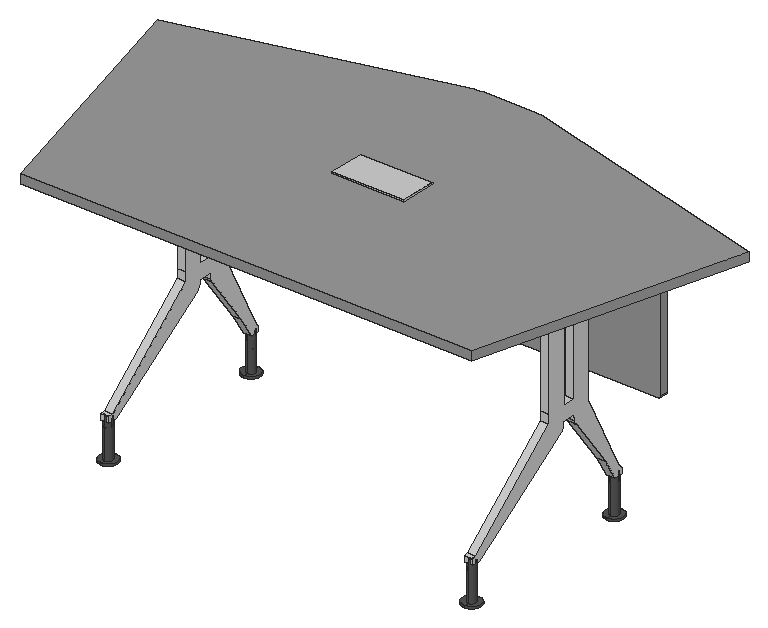
Revit family "Haworth_Planes_TrainingTable_Polygon_AP_PRELIMINARY", category Furniture, Revit 2019 (continued)
Definition of nested family "Haworth_Planes_DeskUnderstructure-PART"
  Lines and regions (mm)
    Masking region 1
      outline origin (0, 0, 0) x (1, 0, 0) y (0, 1, 0)
        loop
          arc (-28.728, -307.581) -> (-0.153, -336.156) -> (28.422, -307.581) r 28.575
          line (28.422, -307.581) -> (28.422, -219.08) -> (27.225, -199.581) -> (24.719, -199.581) -> (25.045, -307.601)
          arc (25.045, -307.601) -> (0.039, -332.798) -> (-25.347, -307.983) r 25.197
          line (-25.347, -307.983) -> (-26.168, -199.602) -> (-27.533, -199.602) -> (-28.728, -219.126) -> (-28.728, -307.581)
  Dimensions and locks
    equal spacing: plane 5, plane 1 "Center (Front/Back)", plane 6
    "Actual Depth": plane 5 to plane 6
    locked: plane 4 "Bottom of Top" to plane 7 at 25.059
    plane 9 to plane 3 "Center (Left/Right)" to plane 8 = 28.728 mm, 28.272 mm
    "Actual Width": plane 9 to plane 8
    aligned and locked: plane 4 "Bottom of Top" to cut or joined group of Extrusion 1, Extrusion 2, Extrusion 3  (x2)
  Automatic sketch dimensions
    plane 6 to Extrusion 1 sketch curve = 24.994 mm
    Extrusion 1 sketch curve to Extrusion 1 sketch curve = 1.991 mm
    Extrusion 1 sketch curve to Extrusion 1 sketch curve = 2.043 mm
    Extrusion 1 sketch curve to Extrusion 1 sketch curve = 9.909 mm
    Extrusion 1 sketch curve to Extrusion 1 sketch curve = 9.878 mm
    Extrusion 1 sketch curve to Extrusion 1 sketch curve = 2.076 mm
    Extrusion 1 sketch curve to Extrusion 1 sketch curve = 24.994 mm  (x2)
    Extrusion 1 sketch curve to Extrusion 1 sketch curve = 13.994 mm
    Extrusion 1 sketch curve to Extrusion 1 sketch curve = 2.128 mm
    Extrusion 1 sketch curve to Extrusion 1 sketch curve = 2.197 mm
    Extrusion 1 sketch curve to Extrusion 1 sketch curve = 2.061 mm
    Extrusion 1 sketch curve to Extrusion 1 sketch curve = 2.007 mm
    Extrusion 1 sketch curve to plane 1 "Center (Front/Back)" = 130.942 mm
    Extrusion 1 sketch curve to Extrusion 1 sketch curve = 0.952 mm
    Extrusion 1 sketch curve to Extrusion 1 sketch curve = 11.918 mm
    Extrusion 1 sketch curve to Extrusion 1 sketch curve = 10.982 mm
    Extrusion 1 sketch curve to Extrusion 1 sketch curve = 23.665 mm
    Extrusion 1 sketch curve to Extrusion 1 sketch curve = 0.121 mm
    Extrusion 1 sketch curve to plane 5 = 81.057 mm
    Extrusion 1 sketch curve to Extrusion 1 sketch curve = 0 mm
    Extrusion 2 sketch curve to Extrusion 2 sketch curve = 1.196 mm
    Extrusion 2 sketch curve to Extrusion 2 sketch curve = 1.365 mm
    Extrusion 2 sketch curve to plane 5 = 28.617 mm
    Extrusion 2 sketch curve to Extrusion 2 sketch curve = 3.382 mm
    Extrusion 2 sketch curve to Extrusion 2 sketch curve = 25.193 mm
    Extrusion 2 sketch curve to Extrusion 2 sketch curve = 0.001 mm
    Extrusion 2 sketch curve to Extrusion 2 sketch curve = 3.702 mm
    Extrusion 2 sketch curve to plane 5 = 28.999 mm
    Extrusion 2 sketch curve to Extrusion 2 sketch curve = 2.505 mm
    Extrusion 2 sketch curve to Extrusion 2 sketch curve = 0.02 mm
    Extrusion 2 sketch curve to Extrusion 2 sketch curve = 88.455 mm
    Extrusion 2 sketch curve to Extrusion 2 sketch curve = 0.046 mm
    Extrusion 2 sketch curve to Extrusion 2 sketch curve = 19.524 mm
    Extrusion 2 sketch curve to Extrusion 2 sketch curve = 19.499 mm
    Extrusion 3 sketch curve to plane 5 = 28.617 mm
    Extrusion 3 sketch curve to Extrusion 3 sketch curve = 0.821 mm
    Extrusion 3 sketch curve to Extrusion 3 sketch curve = 25.194 mm
    Extrusion 3 sketch curve to Extrusion 3 sketch curve = 50.888 mm
    Extrusion 3 sketch curve to plane 5 = 28.999 mm
    Extrusion 3 sketch curve to Extrusion 3 sketch curve = 107.999 mm
    Masking region 1 sketch curve to plane 3 "Center (Left/Right)" = 25.575 mm  (x2)
    Masking region 1 sketch curve to Masking region 1 sketch curve = 1.991 mm
    Masking region 1 sketch curve to Masking region 1 sketch curve = 2.043 mm
    Masking region 1 sketch curve to Masking region 1 sketch curve = 9.909 mm
    Masking region 1 sketch curve to Masking region 1 sketch curve = 9.878 mm
    Masking region 1 sketch curve to Masking region 1 sketch curve = 2.096 mm
    Masking region 1 sketch curve to plane 3 "Center (Left/Right)" = 0.581 mm  (x2)
    plane 3 "Center (Left/Right)" to Masking region 1 sketch curve = 10.418 mm
    Masking region 1 sketch curve to Masking region 1 sketch curve = 2.128 mm
    Masking region 1 sketch curve to Masking region 1 sketch curve = 2.197 mm
    Masking region 1 sketch curve to Masking region 1 sketch curve = 2.061 mm
    Masking region 1 sketch curve to Masking region 1 sketch curve = 2.007 mm
    Masking region 1 sketch curve to plane 5 = 81.057 mm
    Masking region 1 sketch curve to plane 1 "Center (Front/Back)" = 86.966 mm
    Masking region 1 sketch curve to Masking region 1 sketch curve = 4.24 mm
    Masking region 1 sketch curve to Masking region 1 sketch curve = 23.665 mm
    Masking region 1 sketch curve to Masking region 1 sketch curve = 23.818 mm
    Masking region 1 sketch curve to Masking region 1 sketch curve = 10.982 mm
    Masking region 1 sketch curve to Masking region 1 sketch curve = 11.918 mm
    plane 6 to Masking region 1 sketch curve = 24.994 mm
    Masking region 1 sketch curve to plane 3 "Center (Left/Right)" = 26.168 mm
    Masking region 1 sketch curve to Masking region 1 sketch curve = 1.365 mm
    Masking region 1 sketch curve to plane 3 "Center (Left/Right)" = 28.728 mm
    Masking region 1 sketch curve to Masking region 1 sketch curve = 3.382 mm
    Masking region 1 sketch curve to plane 3 "Center (Left/Right)" = 0.153 mm
    Masking region 1 sketch curve to Masking region 1 sketch curve = 0.001 mm
    Masking region 1 sketch curve to Masking region 1 sketch curve = 3.702 mm
    Masking region 1 sketch curve to Masking region 1 sketch curve = 3.377 mm
    Masking region 1 sketch curve to Masking region 1 sketch curve = 2.505 mm
    Masking region 1 sketch curve to plane 5 = 29.019 mm
    Masking region 1 sketch curve to Masking region 1 sketch curve = 0.02 mm
    Masking region 1 sketch curve to Masking region 1 sketch curve = 36.417 mm
    Masking region 1 sketch curve to Masking region 1 sketch curve = 36.464 mm
    Masking region 1 sketch curve to Masking region 1 sketch curve = 19.524 mm
    Masking region 1 sketch curve to Masking region 1 sketch curve = 19.499 mm
    Extrusion 1 sketch curve to plane 3 "Center (Left/Right)" = 25.575 mm  (x2)
    Extrusion 2 sketch curve to plane 3 "Center (Left/Right)" = 28.728 mm
    Extrusion 3 sketch curve to plane 3 "Center (Left/Right)" = 26.168 mm
Types (3, lengths in mm): name | With Screen | Small | Screen Width | Large | Glides | Flip Top | Casters | Actual Width | Actual Depth
  (no name) | yes | no | 1150 | yes | yes | yes | no | 1650 | 750
  1450w x 650d | no | yes | 950 | no | no | no | yes | 1450 | 650
  1650w x 750d | yes | no | 1150 | yes | yes | yes | no | 1650 | 750
